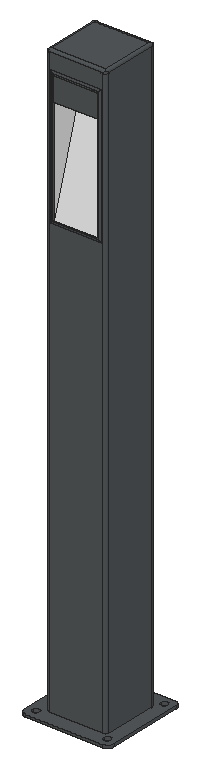
Revit family "svetilnik_alfresco_ar deko_dtu19", category Lighting Fixtures, Revit 2016 (continued)
Definition of nested family "Источник света Ар_Деко"
  Types (5, lengths in mm): name | Photometric Web File | built-in parameter 1150142
      .2       0.2       0.2       0.2       0.2       0.2       0.2       0.2\r\n       0.2       0.2       0.2       0.2       0.2       0.2       0.2       0.2\r\n       0.2       0.2       0.2       0.1       0.1       0.1       0.0       0.0\r\n       0.0       0.0       0.0       0.0       0.0\r\n       0.0       0.0       0.2       0.1       0.1       0.1       0.1       0.1\r\n       0.2       0.2       0.2       0.2       0.2       0.2       0.2       0.2\r\n       0.2       0.2       0.2       0.2       0.2       0.2       0.2       0.2\r\n       0.2       0.2       0.2       0.2       0.2       0.2       0.2       0.2\r\n       0.2       0.2       0.2       0.2       0.2       0.2       0.2       0.2\r\n       0.2       0.2       0.2       0.2       0.2       0.2       0.2       0.2\r\n       0.2       0.2       0.2       0.2       0.2       0.2       0.2       0.2\r\n       0.2       0.2       0.2       0.2       0.2       0.2       0.2       0.2\r\n       0.2       0.3       0.3       0.3       0.3       0.3       0.3       0.3\r\n       0.3       0.2       0.2       0.2       0.2       0.2       0.2       0.2\r\n       0.2       0.2       0.2       0.2       0.2       0.2       0.2       0.2\r\n       0.2       0.2       0.2       0.2       0.2       0.2       0.2       0.2\r\n       0.2       0.2       0.2       0.2       0.2       0.2       0.2       0.2\r\n       0.2       0.2       0.2       0.2       0.2       0.2       0.2       0.2\r\n       0.2       0.2       0.2       0.2       0.2       0.2       0.2       0.2\r\n       0.2       0.2       0.2       0.2       0.2       0.2       0.2       0.2\r\n       0.2       0.2       0.2       0.2       0.2       0.2       0.2       0.2\r\n       0.2       0.2       0.2       0.2       0.2       0.2       0.2       0.2\r\n       0.2       0.2       0.2       0.2       0.2       0.2       0.2       0.2\r\n       0.2       0.2       0.2       0.2       0.2       0.2       0.2       0.2\r\n       0.2       0.2       0.2       0.2       0.2       0.2       0.2       0.2\r\n       0.2       0.2       0.2       0.1       0.1       0.1       0.0       0.0\r\n       0.0       0.0       0.0       0.0       0.0\r\n       0.0       0.0       0.2       0.1       0.1       0.1       0.1       0.1\r\n       0.2       0.3       0.2       0.2       0.2       0.2       0.2       0.2\r\n       0.2       0.2       0.2       0.2       0.2       0.2       0.2       0.2\r\n       0.2       0.2       0.2       0.2       0.2       0.2       0.2       0.2\r\n       0.2       0.2       0.2       0.2       0.2       0.2       0.2       0.2\r\n       0.2       0.2       0.2       0.2       0.2       0.2       0.2       0.2\r\n       0.2       0.2       0.2       0.2       0.2       0.2       0.2       0.2\r\n       0.2       0.2       0.2       0.3       0.3       0.3       0.3       0.3\r\n       0.4       0.7       0.7       0.7       0.6       0.5       0.5       0.4\r\n       0.4       0.3       0.3       0.2       0.2       0.2       0.2       0.2\r\n       0.2       0.2       0.2       0.2       0.2       0.2       0.2       0.2\r\n       0.2       0.2       0.2       0.2       0.2       0.2       0.2       0.2\r\n       0.2       0.2       0.2       0.2       0.2       0.2       0.2       0.2\r\n       0.2       0.2       0.2       0.2       0.2       0.2       0.2       0.2\r\n       0.2       0.2       0.2       0.2       0.2       0.2       0.2       0.2\r\n       0.2       0.2       0.2       0.2       0.2       0.2       0.2       0.2\r\n       0.2       0.2       0.2       0.2       0.2       0.2       0.2       0.2\r\n       0.2       0.2       0.2       0.2       0.2       0.2       0.2       0.2\r\n       0.2       0.2       0.2       0.2       0.2       0.2       0.2       0.2\r\n       0.2       0.2       0.2       0.2       0.2       0.2       0.2       0.2\r\n       0.2       0.2       0.2       0.2       0.2       0.2       0.2       0.2\r\n       0.2       0.2       0.2       0.2       0.1       0.1       0.0       0.0\r\n       0.0       0.0       0.0       0.0       0.0\r\n       0.0       0.0       0.2       0.1       0.2       0.1       0.1       0.1\r\n       0.2       0.3       0.2       0.2       0.2       0.2       0.2       0.2\r\n       0.2       0.2       0.2       0.2       0.2       0.2       0.2       0.2\r\n       0.2       0.2       0.2       0.2       0.2       0.2       0.2       0.2\r\n       0.2       0.2       0.2       0.2       0.2       0.2       0.3       0.9\r\n       1.2       1.2       1.0       0.9       0.8       0.7       0.6       0.5\r\n       0.4       0.4       0.4       0.4       0.4       0.4       0.5       0.6\r\n       0.5       0.5       0.6       0.8       0.9       1.0       1.2       1.0\r\n       0.7       1.0       1.3       1.4       1.2       1.0       0.8       0.7\r\n       0.6       0.5       0.4       0.4       0.3       0.3       0.3       0.2\r\n       0.2       0.2       0.2       0.2       0.2       0.2       0.2       0.2\r\n       0.2       0.2       0.2       0.2       0.2       0.2       0.2       0.2\r\n       0.2       0.2       0.2       0.2       0.2       0.2       0.2       0.2\r\n       0.2       0.2       0.2       0.2       0.2       0.2       0.2       0.2\r\n       0.2       0.2       0.2       0.2       0.2       0.2       0.2       0.2\r\n       0.2       0.2       0.2       0.2       0.2       0.2       0.2       0.2\r\n       0.2       0.2       0.2       0.2       0.2       0.2       0.2       0.2\r\n       0.2       0.2       0.2       0.2       0.2       0.2       0.2       0.2\r\n       0.2       0.2       0.2       0.2       0.2       0.2       0.2       0.2\r\n       0.2       0.2       0.2       0.2       0.2       0.2       0.2       0.2\r\n       0.2       0.2       0.2       0.2       0.2       0.2       0.2       0.2\r\n       0.2       0.2       0.2       0.2       0.1       0.1       0.0       0.0\r\n       0.0       0.0       0.0       0.0       0.0\r\n       0.0       0.0       0.2       0.1       0.2       0.1       0.1       0.1\r\n       0.2       0.3       0.2       0.2       0.2       0.2       0.2       0.2\r\n       0.2       0.2       0.2       0.2       0.2       0.2       0.2       0.2\r\n       0.2       0.2       0.2       0.2       0.2       0.2       0.2       0.2\r\n       0.3       0.7       0.7       0.9       2.5       2.5       4.6      17.7\r\n      28.3      32.2      31.9      32.9      31.0      28.3      26.0      23.7\r\n      21.6      19.2      16.5      14.3      12.6      11.4      10.3       9.2\r\n       8.7       8.5       8.8       9.5       9.5       9.9       9.9       9.6\r\n      10.2      10.5      10.4      10.9      10.7      10.3      10.5      10.0\r\n       9.6       9.6       8.8       8.0       7.8       7.1       6.5       6.1\r\n       4.0       1.4       0.5       0.2       0.2       0.2       0.2       0.2\r\n       0.2       0.2       0.2       0.2       0.2       0.2       0.2       0.2\r\n       0.2       0.2       0.2       0.2       0.2       0.2       0.2       0.2\r\n       0.2       0.2       0.2       0.2       0.2       0.2       0.2       0.2\r\n       0.2       0.2       0.2       0.2       0.2       0.2       0.2       0.2\r\n       0.2       0.2       0.2       0.2       0.2       0.2       0.2       0.2\r\n       0.2       0.2       0.2       0.2       0.2       0.2       0.2       0.2\r\n       0.2       0.2       0.2       0.2       0.2       0.2       0.2       0.2\r\n       0.2       0.2       0.2       0.2       0.2       0.2       0.2       0.2\r\n       0.2       0.2       0.2       0.2       0.2       0.2       0.2       0.2\r\n       0.2       0.2       0.2       0.2       0.2       0.2       0.2       0.2\r\n       0.2       0.2       0.2       0.2       0.1       0.1       0.0       0.0\r\n       0.0       0.0       0.0       0.0       0.0\r\n       0.0       0.0       0.2       0.1       0.2       0.1       0.1       0.1\r\n       0.2       0.3       0.2       0.2       0.2       0.2       0.2       0.2\r\n       0.2       0.2       0.2       0.2       0.2       0.2       0.2       0.2\r\n       0.2       0.2       0.2       0.2       0.2       0.2       0.6       1.3\r\n       2.5       7.3       9.8      13.7      29.5      46.7      54.6      59.2\r\n      63.3      65.5      68.9      71.5      74.0      72.6      70.6      67.4\r\n      65.3      64.1      62.1      61.6      60.7      59.8      59.2      58.8\r\n      57.6      56.4      55.4      53.9      52.1      50.9      49.5      47.2\r\n      44.6      42.6      41.7      40.1      38.3      37.2      35.6      33.4\r\n      30.8      28.4      26.4      24.1      22.7      20.6      17.6      12.3\r\n       7.0       3.9       2.5       1.4       0.7       0.3       0.2       0.2\r\n       0.2       0.2       0.2       0.2       0.2       0.2       0.2       0.2\r\n       0.2       0.2       0.2       0.2       0.2       0.2       0.2       0.2\r\n       0.2       0.2       0.2       0.2       0.2       0.2       0.2       0.2\r\n       0.2       0.2       0.2       0.2       0.2       0.2       0.2       0.2\r\n       0.2       0.2       0.2       0.2       0.2       0.2       0.2       0.2\r\n       0.2       0.2       0.2       0.2       0.2       0.2       0.2       0.2\r\n       0.2       0.2       0.2       0.2       0.2       0.2       0.2       0.2\r\n       0.2       0.2       0.2       0.2       0.2       0.2       0.2       0.2\r\n       0.2       0.2       0.2       0.2       0.2       0.2       0.2       0.2\r\n       0.2       0.2       0.2       0.2       0.2       0.2       0.2       0.2\r\n       0.2       0.2       0.2       0.2       0.1       0.1       0.0       0.0\r\n       0.0       0.0       0.0       0.0       0.0\r\n       0.0       0.0       0.2       0.1       0.2       0.1       0.1       0.1\r\n       0.2       0.3       0.2       0.2       0.2       0.2       0.2       0.2\r\n       0.2       0.2       0.2       0.2       0.2       0.2       0.2       0.2\r\n       0.2       0.2       0.2       0.3       1.1       3.0       6.5      13.8\r\n      18.7      28.7      51.5      64.5      73.2      82.0      90.2      94.9\r\n     100.3     105.0     109.2     113.7     112.3     112.5     109.7     106.5\r\n     104.3     102.3     100.3      97.6      95.6      94.8      93.6      91.2\r\n      90.6      88.7      86.1      84.2      83.0      81.0      78.4      76.1\r\n      73.5      70.7      68.6      66.0      63.9      61.3      57.8      53.9\r\n      50.4      46.7      44.0      41.1      37.5      30.7      23.0      17.2\r\n      13.0       9.4       6.7       4.7       3.0       1.7       0.8       0.3\r\n       0.2       0.2       0.2       0.2       0.2       0.2       0.2       0.2\r\n       0.2       0.2       0.2       0.2       0.2       0.2       0.2       0.2\r\n       0.2       0.2       0.2       0.2       0.2       0.2       0.2       0.2\r\n       0.2       0.2       0.2       0.2       0.2       0.2       0.2       0.2\r\n       0.2       0.2       0.2       0.2       0.2       0.2       0.2       0.2\r\n       0.2       0.2       0.2       0.2       0.2       0.2       0.2       0.2\r\n       0.2       0.2       0.2       0.2       0.2       0.2       0.2       0.2\r\n       0.2       0.2       0.2       0.2       0.2       0.2       0.2       0.2\r\n       0.2       0.2       0.2       0.2       0.2       0.2       0.2       0.2\r\n       0.2       0.2       0.2       0.2       0.2       0.2       0.2       0.2\r\n       0.2       0.2       0.2       0.2       0.1       0.1       0.0       0.0\r\n       0.0       0.0       0.0       0.0       0.0\r\n       0.0       0.0       0.2       0.1       0.2       0.1       0.1       0.1\r\n       0.2       0.3       0.2       0.2       0.2       0.2       0.2       0.2\r\n       0.2       0.2       0.2       0.2       0.2       0.2       0.2       0.2\r\n       0.3       0.5       0.9       4.4      10.3      24.3      34.7      49.5\r\n      64.4      75.0      83.8      92.5     101.2     110.4     122.8     128.6\r\n     140.5     155.9     156.4     165.2     172.1     168.9     168.0     167.5\r\n     166.4     163.9     163.7     162.5     161.6     159.0     156.9     154.6\r\n     150.7     147.2     143.9     139.8     135.2     130.3     126.3     121.9\r\n     116.5     112.1     108.0     104.3      99.5      95.0      90.1      85.3\r\n      80.5      75.0      69.5      62.2      52.5      43.3      35.6      29.8\r\n      24.6      19.9      15.9      11.6       8.2       5.2       3.3       0.7\r\n       0.2       0.2       0.2       0.2       0.2       0.2       0.2       0.2\r\n       0.2       0.2       0.2       0.2       0.2       0.2       0.2       0.2\r\n       0.2       0.2       0.2       0.2       0.2       0.2       0.2       0.2\r\n       0.2       0.2       0.2       0.2       0.2       0.2       0.2       0.2\r\n       0.2       0.2       0.2       0.2       0.2       0.2       0.2       0.2\r\n       0.2       0.2       0.2       0.2       0.2       0.2       0.2       0.2\r\n       0.2       0.2       0.2       0.2       0.2       0.2       0.2       0.2\r\n       0.2       0.2       0.2       0.2       0.2       0.2       0.2       0.2\r\n       0.2       0.2       0.2       0.2       0.2       0.2       0.2       0.2\r\n       0.2       0.2       0.2       0.2       0.2       0.2       0.2       0.2\r\n       0.2       0.2       0.2       0.1       0.1       0.1       0.0       0.0\r\n       0.0       0.0       0.0       0.0       0.0\r\n       0.0       0.0       0.2       0.1       0.2       0.1       0.1       0.2\r\n       0.2       0.3       0.2       0.2       0.2       0.2       0.2       0.2\r\n       0.2       0.2       0.2       0.2       0.2       0.2       0.3       0.4\r\n       1.7       4.4      11.1      30.2      41.1      52.9      67.3      81.5\r\n      93.5     100.1     109.7     126.0     138.4     151.3     168.4     182.1\r\n     196.9     213.0     216.8     213.5     211.4     210.4     205.1     202.2\r\n     199.2     197.1     193.2     189.5     186.2     183.3     180.9     178.3\r\n     175.0     170.7     167.5     163.2     158.5     155.5     151.8     147.2\r\n     142.8     138.2     134.2     129.3     124.2     118.7     113.9     108.8\r\n     103.0      95.2      83.0      71.0      62.6      54.4      48.5      41.8\r\n      36.1      30.2      25.2      19.9      14.2       9.6       6.0       1.3\r\n       0.3       0.2       0.2       0.2       0.2       0.2       0.2       0.2\r\n       0.2       0.2       0.2       0.2       0.2       0.2       0.2       0.2\r\n       0.2       0.2       0.2       0.2       0.2       0.2       0.2       0.2\r\n       0.2       0.2       0.2       0.2       0.2       0.2       0.2       0.2\r\n       0.2       0.2       0.2       0.2       0.2       0.2       0.2       0.2\r\n       0.2       0.2       0.2       0.2       0.2       0.2       0.2       0.2\r\n       0.2       0.2       0.2       0.2       0.2       0.2       0.2       0.2\r\n       0.2       0.2       0.2       0.2       0.2       0.2       0.2       0.2\r\n       0.2       0.2       0.2       0.2       0.2       0.2       0.2       0.2\r\n       0.2       0.2       0.2       0.2       0.2       0.2       0.2       0.2\r\n       0.2       0.2       0.2       0.1       0.1       0.1       0.0       0.0\r\n       0.0       0.0       0.0       0.0       0.0\r\n       0.0       0.0       0.2       0.1       0.2       0.1       0.1       0.2\r\n       0.2       0.3       0.2       0.2       0.2       0.2       0.2       0.2\r\n       0.2       0.2       0.2       0.2       0.2       0.3       1.7       5.0\r\n      12.5      23.5      48.5      64.1      74.4      87.0      97.3     107.5\r\n     115.2     130.4     146.1     159.4     179.6     193.2     211.1     222.5\r\n     225.9     224.7     221.8     220.0     217.4     212.4     212.6     209.4\r\n     206.8     204.9     200.7     198.6     196.1     191.9     189.3     184.6\r\n     180.2     178.4     173.3     167.9     163.8     161.3     156.3     151.3\r\n     147.6     143.1     137.8     132.6     127.9     123.6     118.8     112.3\r\n     101.9      88.8      76.8      67.8      60.6      53.9      47.3      40.7\r\n      35.6      28.9      24.6      18.3  
          12.6       8.4       3.3       0.6\r\n       0.2       0.2       0.2       0.2       0.2       0.2       0.2       0.2\r\n       0.2       0.2       0.2       0.2       0.2       0.2       0.2       0.2\r\n       0.2       0.2       0.2       0.2       0.2       0.2       0.2       0.2\r\n       0.2       0.2       0.2       0.2       0.2       0.2       0.2       0.2\r\n       0.2       0.2       0.2       0.2       0.2       0.2       0.2       0.2\r\n       0.2       0.2       0.2       0.2       0.2       0.2       0.2       0.2\r\n       0.2       0.2       0.2       0.2       0.2       0.2       0.2       0.2\r\n       0.2       0.2       0.2       0.2       0.2       0.2       0.2       0.2\r\n       0.2       0.2       0.2       0.2       0.2       0.2       0.2       0.2\r\n       0.2       0.2       0.2       0.2       0.2       0.2       0.2       0.2\r\n       0.2       0.2       0.2       0.1       0.1       0.1       0.0       0.0\r\n       0.0       0.0       0.0       0.0       0.0\r\n       0.0       0.0       0.2       0.2       0.2       0.1       0.1       0.2\r\n       0.2       0.3       0.2       0.2       0.2       0.2       0.2       0.2\r\n       0.2       0.2       0.2       0.3       0.6       2.7      10.0      28.9\r\n      51.0      69.2      82.1      91.1     103.5     113.1     127.6     143.3\r\n     158.5     173.3     196.4     215.0     231.0     240.4     240.3     239.1\r\n     237.0     235.1     233.5     232.1     228.9     227.1     223.9     220.4\r\n     219.1     214.1     212.3     207.8     204.4     201.8     198.0     193.8\r\n     191.4     186.6     180.5     176.2     173.2     168.0     163.0     160.5\r\n     156.7     150.9     145.9     140.9     136.2     130.4     122.4     110.3\r\n      97.0      85.8      78.2      68.9      63.0      55.0      48.3      42.6\r\n      36.3      30.9      24.8      18.3      13.3       8.7       3.3       0.6\r\n       0.2       0.2       0.2       0.2       0.2       0.2       0.2       0.2\r\n       0.2       0.2       0.2       0.2       0.2       0.2       0.2       0.2\r\n       0.2       0.2       0.2       0.2       0.2       0.2       0.2       0.2\r\n       0.2       0.2       0.2       0.2       0.2       0.2       0.2       0.2\r\n       0.2       0.2       0.2       0.2       0.2       0.2       0.2       0.2\r\n       0.2       0.2       0.2       0.2       0.2       0.2       0.2       0.2\r\n       0.2       0.2       0.2       0.2       0.2       0.2       0.2       0.2\r\n       0.2       0.2       0.2       0.2       0.2       0.2       0.2       0.2\r\n       0.2       0.2       0.2       0.2       0.2       0.2       0.2       0.2\r\n       0.2       0.2       0.2       0.2       0.2       0.2       0.2       0.2\r\n       0.2       0.2       0.2       0.1       0.1       0.1       0.0       0.0\r\n       0.0       0.0       0.0       0.0       0.0\r\n       0.0       0.0       0.2       0.2       0.2       0.1       0.1       0.2\r\n       0.2       0.3       0.2       0.2       0.2       0.2       0.2       0.2\r\n       0.2       0.2       0.3       1.1       4.9      21.5      39.7      75.9\r\n     102.0     121.2     138.1     153.3     165.6     179.3     196.4     209.4\r\n     231.7     246.7     263.9     273.7     274.7     271.7     270.1     265.3\r\n     265.4     262.5     259.9     256.1     251.1     249.9     245.6     244.8\r\n     240.7     238.6     235.2     233.0     230.2     225.6     220.7     217.4\r\n     214.1     210.5     206.8     202.6     196.6     191.8     189.1     184.1\r\n     177.9     172.6     168.1     161.2     152.0     138.5     121.7     106.8\r\n      94.8      84.9      75.3      68.9      61.2      53.9      48.6      40.9\r\n      36.0      29.0      22.0      16.2      11.8       6.1       1.6       0.2\r\n       0.2       0.2       0.2       0.2       0.2       0.2       0.2       0.2\r\n       0.2       0.2       0.2       0.2       0.2       0.2       0.2       0.2\r\n       0.2       0.2       0.2       0.2       0.2       0.2       0.2       0.2\r\n       0.2       0.2       0.2       0.2       0.2       0.2       0.2       0.2\r\n       0.2       0.2       0.2       0.2       0.2       0.2       0.2       0.2\r\n       0.2       0.2       0.2       0.2       0.2       0.2       0.2       0.2\r\n       0.2       0.2       0.2       0.2       0.2       0.2       0.2       0.2\r\n       0.2       0.2       0.2       0.2       0.2       0.2       0.2       0.2\r\n       0.2       0.2       0.2       0.2       0.2       0.2       0.2       0.2\r\n       0.2       0.2       0.2       0.2       0.2       0.2       0.2       0.2\r\n       0.2       0.2       0.2       0.1       0.1       0.1       0.0       0.0\r\n       0.0       0.0       0.0       0.0       0.0\r\n       0.0       0.0       0.2       0.2       0.2       0.1       0.1       0.2\r\n       0.2       0.3       0.3       0.2       0.2       0.2       0.2       0.2\r\n       0.2       0.3       0.8       7.3      26.2      70.9     101.4     129.8\r\n     149.7     165.0     184.1     199.7     216.8     231.7     252.9     274.3\r\n     302.0     310.8     310.9     308.5     306.9     304.8     302.2     300.3\r\n     297.0     295.9     293.4     290.5     289.5     284.5     285.9     282.2\r\n     279.0     275.3     271.1     268.2     265.3     262.7     257.2     252.7\r\n     248.0     243.1     238.0     233.9     229.0     222.8     217.6     211.7\r\n     207.8     201.7     193.5     180.9     162.7     143.0     125.4     113.7\r\n     101.9      91.7      84.5      72.8      65.7      58.1      50.2      42.9\r\n      37.5      29.7      23.2      17.6      12.2       5.3       1.0       0.2\r\n       0.2       0.2       0.2       0.2       0.2       0.2       0.2       0.2\r\n       0.2       0.2       0.2       0.2       0.2       0.2       0.2       0.2\r\n       0.2       0.2       0.2       0.2       0.2       0.2       0.2       0.2\r\n       0.2       0.2       0.2       0.2       0.2       0.2       0.2       0.2\r\n       0.2       0.2       0.2       0.2       0.2       0.2       0.2       0.2\r\n       0.2       0.2       0.2       0.2       0.2       0.2       0.2       0.2\r\n       0.2       0.2       0.2       0.2       0.2       0.2       0.2       0.2\r\n       0.2       0.2       0.2       0.2       0.2       0.2       0.2       0.2\r\n       0.2       0.2       0.2       0.2       0.2       0.2       0.2       0.2\r\n       0.2       0.2       0.2       0.2       0.2       0.2       0.2       0.2\r\n       0.2       0.2       0.2       0.1       0.1       0.1       0.0       0.0\r\n       0.0       0.0       0.0       0.0       0.0\r\n       0.0       0.0       0.2       0.2       0.2       0.1       0.1       0.2\r\n       0.2       0.3       0.3       0.2       0.2       0.2       0.2       0.2\r\n       0.2       0.8       6.1      31.8      73.5     116.2     144.5     165.1\r\n     184.2     200.7     222.1     245.2     266.4     285.2     315.5     329.3\r\n     337.4     337.7     335.2     329.7     330.8     328.7     327.2     327.9\r\n     326.1     324.2     320.9     317.8     315.7     316.1     312.0     310.4\r\n     306.6     302.1     301.1     296.1     292.2     286.6     281.7     279.1\r\n     273.5     268.1     263.5     257.3     251.2     245.9     240.8     234.8\r\n     227.9     217.7     203.8     180.2     154.4     136.6     127.3     113.7\r\n     105.4      95.2      85.8      77.4      70.0      60.7      52.1      45.5\r\n      35.2      27.1      20.6      16.0       9.7       2.6       0.2       0.2\r\n       0.2       0.2       0.2       0.2       0.2       0.2       0.2       0.2\r\n       0.2       0.2       0.2       0.2       0.2       0.2       0.2       0.2\r\n       0.2       0.2       0.2       0.2       0.2       0.2       0.2       0.2\r\n       0.2       0.2       0.2       0.2       0.2       0.2       0.2       0.2\r\n       0.2       0.2       0.2       0.2       0.2       0.2       0.2       0.2\r\n       0.2       0.2       0.2       0.2       0.2       0.2       0.2       0.2\r\n       0.2       0.2       0.2       0.2       0.2       0.2       0.2       0.2\r\n       0.2       0.2       0.2       0.2       0.2       0.2       0.2       0.2\r\n       0.2       0.2       0.2       0.2       0.2       0.2       0.2       0.2\r\n       0.2       0.2       0.2       0.2       0.2       0.2       0.2       0.2\r\n       0.2       0.2       0.2       0.1       0.1       0.1       0.0       0.0\r\n       0.0       0.0       0.0       0.0       0.0\r\n       0.0       0.0       0.2       0.2       0.2       0.1       0.1       0.2\r\n       0.2       0.3       0.3       0.2       0.2       0.2       0.2       0.2\r\n       0.5       5.2      27.5      78.0     123.6     152.7     172.7     192.1\r\n     210.3     233.5     261.9     289.8     322.4     351.4     369.7     368.6\r\n     370.3     369.8     368.0     371.7     371.5     367.1     365.4     364.6\r\n     361.0     360.0     356.9     354.0     350.0     347.4     341.3     337.9\r\n     334.6     331.8     329.6     323.8     318.5     314.3     309.9     304.3\r\n     298.2     294.0     289.4     282.3     276.5     269.7     261.9     254.8\r\n     243.0     224.7     200.3     174.0     157.5     144.6     132.6     122.4\r\n     113.8     102.2      93.1      86.9      76.4      67.9      59.8      50.0\r\n      37.7      30.5      22.5      16.5       8.8       1.1       0.3       0.2\r\n       0.2       0.2       0.2       0.2       0.2       0.2       0.2       0.2\r\n       0.2       0.2       0.2       0.2       0.2       0.2       0.2       0.2\r\n       0.2       0.2       0.2       0.2       0.2       0.2       0.2       0.2\r\n       0.2       0.2       0.2       0.2       0.2       0.2       0.2       0.2\r\n       0.2       0.2       0.2       0.2       0.2       0.2       0.2       0.2\r\n       0.2       0.2       0.2       0.2       0.2       0.2       0.2       0.2\r\n       0.2       0.2       0.2       0.2       0.2       0.2       0.2       0.2\r\n       0.2       0.2       0.2       0.2       0.2       0.2       0.2       0.2\r\n       0.2       0.2       0.2       0.2       0.2       0.2       0.2       0.2\r\n       0.2       0.2       0.2       0.2       0.2       0.2       0.2       0.2\r\n       0.2       0.2       0.2       0.1       0.1       0.1       0.0       0.0\r\n       0.0       0.0       0.0       0.0       0.0\r\n       0.0       0.0       0.3       0.2       0.2       0.1       0.1       0.2\r\n       0.2       0.3       0.3       0.3       0.2       0.2       0.2       0.3\r\n       3.1      21.2      67.2     118.9     156.9     184.0     202.8     224.9\r\n     253.9     283.1     315.6     351.6     390.7     398.7     404.7     404.9\r\n     404.1     402.5     399.5     401.0     395.8     396.0     393.3     387.9\r\n     383.9     378.4     376.8     375.3     374.9     368.0     365.2     359.1\r\n     356.1     353.7     346.7     343.1     340.7     334.6     331.1     325.6\r\n     321.5     314.4     307.8     301.5     294.9     287.3     278.6     264.0\r\n     242.6     216.2     191.0     176.3     163.3     148.6     138.2     129.7\r\n     117.6     106.6      99.5      89.8      77.6      69.3      60.2      49.1\r\n      37.9      29.4      21.7      13.5       5.2       0.5       0.2       0.2\r\n       0.2       0.2       0.2       0.2       0.2       0.2       0.2       0.2\r\n       0.2       0.2       0.2       0.2       0.2       0.2       0.2       0.2\r\n       0.2       0.2       0.2       0.2       0.2       0.2       0.2       0.2\r\n       0.2       0.2       0.2       0.2       0.2       0.2       0.2       0.2\r\n       0.2       0.2       0.2       0.2       0.2       0.2       0.2       0.2\r\n       0.2       0.2       0.2       0.2       0.2       0.2       0.2       0.2\r\n       0.2       0.2       0.2       0.2       0.2       0.2       0.2       0.2\r\n       0.2       0.2       0.2       0.2       0.2       0.2       0.2       0.2\r\n       0.2       0.2       0.2       0.2       0.2       0.2       0.2       0.2\r\n       0.2       0.2       0.2       0.2       0.2       0.2       0.2       0.2\r\n       0.2       0.2       0.2       0.1       0.1       0.1       0.0       0.0\r\n       0.0       0.0       0.0       0.0       0.0\r\n       0.0       0.0       0.3       0.2       0.2       0.1       0.1       0.2\r\n       0.2       0.3       0.3       0.3       0.2       0.2       0.2       0.8\r\n      14.4      52.6     107.3     151.6     183.7     211.6     239.1     268.3\r\n     305.2     333.6     383.3     426.3     441.7     443.4     441.4     439.5\r\n     435.1     431.8     433.1     424.9     425.2     417.8     414.7     416.5\r\n     413.6     411.5     407.3     403.6     395.5     395.7     393.1     391.3\r\n     388.2     378.2     373.8     367.2     362.1     358.5     352.9     349.2\r\n     342.4     334.7     331.1     325.3     318.6     306.8     291.4     265.3\r\n     241.4     218.7     201.0     186.3     170.9     159.8     148.3     134.4\r\n     120.9     111.0     104.0      92.3      85.0      75.3      63.7      51.4\r\n      43.0      35.2      25.7      13.3       3.6       0.2       0.2       0.2\r\n       0.2       0.2       0.2       0.2       0.2       0.2       0.2       0.2\r\n       0.2       0.2       0.2       0.2       0.2       0.2       0.2       0.2\r\n       0.2       0.2       0.2       0.2       0.2       0.2       0.2       0.2\r\n       0.2       0.2       0.2       0.2       0.2       0.2       0.2       0.2\r\n       0.2       0.2       0.2       0.2       0.2       0.2       0.2       0.2\r\n       0.2       0.2       0.2       0.2       0.2       0.2       0.2       0.2\r\n       0.2       0.2       0.2       0.3       0.2       0.2       0.2       0.2\r\n       0.2       0.2       0.2       0.2       0.2       0.2       0.2       0.2\r\n       0.2       0.2       0.2       0.2       0.2       0.2       0.2       0.2\r\n       0.2       0.2       0.2       0.2       0.2       0.2       0.2       0.2\r\n       0.2       0.2       0.2       0.1       0.1       0.1       0.0       0.0\r\n       0.0       0.1       0.0       0.0       0.0\r\n       0.0       0.0       0.3       0.2       0.2       0.2       0.1       0.2\r\n       0.2       0.3       0.3       0.3       0.3       0.2       0.4       4.2\r\n      38.7      91.8     142.6     177.8     210.1     239.1     276.4     319.6\r\n     356.1     408.2     452.9     472.9     474.4     473.3     472.7     468.8\r\n     466.3     465.9     461.5     459.6     455.0     453.3     452.5     448.0\r\n     447.8     444.2     441.8     436.9     433.1     428.9     427.2     417.4\r\n     413.7     412.0     407.4     404.9     399.7     391.7     385.5     376.6\r\n     370.7     366.2     360.9     352.0     341.6     328.1     301.2     273.9\r\n     248.3     231.6     221.1     202.5     186.2     176.7     160.2     147.4\r\n     136.6     124.4     112.1      99.8      92.2      79.9      67.1      55.4\r\n      44.8      37.5      24.3       9.8       1.5       0.3       0.2       0.2\r\n       0.2       0.2       0.2       0.2       0.2       0.2       0.2       0.2\r\n       0.2       0.2       0.2       0.2       0.2       0.2       0.2       0.2\r\n       0.2       0.2       0.2       0.2       0.2       0.2       0.2       0.2\r\n       0.2       0.2       0.2       0.2       0.2       0.2       0.2       0.2\r\n       0.2       0.2       0.2       0.2       0.2       0.2       0.2       0.2\r\n       0.2       0.2       0.2       0.2       0.2       0.2       0.2       0.2\r\n       0.2       0.2       0.2       0.2       0.3       0.2       0.2       0.2\r\n       0.2       0.2       0.2       0.2       0.2       0.2       0.2       0.2\r\n       0.2       0.2       0.2       0.2       0.2       0.2       0.2       0.2\r\n       0.2       0.2       0.2       0.2       0.2       0.2       0.2       0.2\r\n       0.2       0.2       0.2       0.1       0.1       0.1       0.0       0.0\r\n       0.0       0.1       0.0       0.0       0.0\r\n       0.0       0.0       0.3       0.2       0.2       0.2       0.2       0.2\r\n       0.2       0.3       0.3       0.3       0.3       0.3       1.6      
